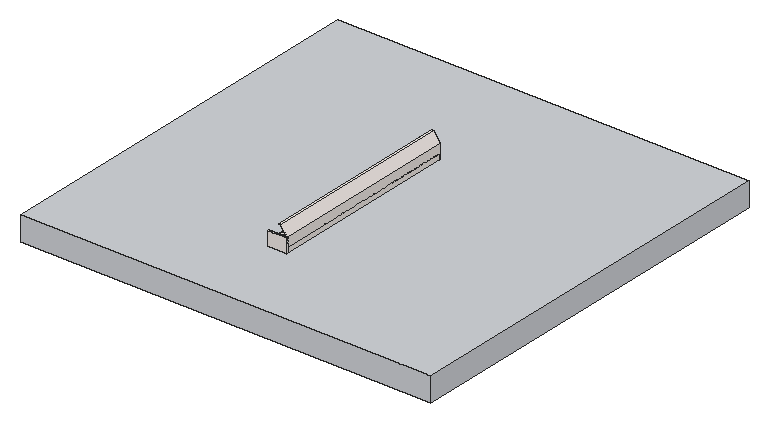
Revit family
Parameters
  Wiring Access Diameter = 0' - 0"
  Wiring = Wiring : Battery Pack
  Width = 0' - 4 3/4"  # constant formula
  Wattage Comments = "Wattage"
  Wattage = 9.29 W
  built-in parameter 1150110 = 1 (stored number, unit not read)
  Voltage = "Voltage"
  URL = "http://www.cooperlighting.com/"
  Supply Voltage = 0 V
  Series = "Cove Duo"  # constant formula
  Options = Options : Flat End Plate
  Number of Poles = 1
  No of Circuits = 1
  Mount Length = 0' - 6 1/4"
  Model = "Model"
  Lamp = "Lamp"
  Housing Type = "18gauage corrosion resistant steel"  # constant formula
  Front Mount Size = - : 2x6
  Emit from Line Length = 2' - 0"
  Electrical Connector Description = ""
  Distribution = ""
  Diffusers/Shielding = "White Opal Lens"  # constant formula
  Description = "Description"
  built-in parameter 1114217 = 1 (stored number, unit not read)
  Total Input Wattage = 0 W
  Tilt Angle = 90.00°
  built-in parameter 1150109 = 1 (stored number, unit not read)
  built-in parameter 1150134 = 3
  built-in parameter 1150113 = 1 (stored number, unit not read)
  Shipping Weight = 0 lbf
  Product Page URL = ""
  Product Documentation Link = ""
  Power Factor = 0
  Photometric Web File = "File"
  Packaging = "Unit Pack"
  Manufacturer = "Cooper Industries, Inc."  # constant formula
  built-in parameter 1150105 = 109.81 (stored number, unit not read)
  Lumens = 1379.95 lm
  built-in parameter 1150115 = 1 (stored number, unit not read)
  built-in parameter 1150137 = (empty or 0)
  built-in parameter 1150139 = (empty or 0)
  Light Bulb Material = Glass - Cooper Industries - Clear
  Length = 4' - 0"
  built-in parameter 1150112 = 1 (stored number, unit not read)
  Lamp Quantity = 2
  built-in parameter 1150114 = 1 (stored number, unit not read)
  built-in parameter 1150132 = (empty or 0)
  built-in parameter 1150102 = (empty or 0)
  built-in parameter 1150107 = 3200 (stored number, unit not read)
  built-in parameter 1150138 = (empty or 0)
  built-in parameter 1150106 = 1.0981 (stored number, unit not read)
  Has Biaxial Bulb = yes
  Frame Material = Metal - Cooper Industries - Steel - White
  Efficiency = ""
  built-in parameter 1150104 = 13.8 (stored number, unit not read)
  Dimming Lamp Color Temperature Shift = (empty or 0)
  Diffuser Material = Glass - Cooper Industries - Clear
  Depth = 0' - 2 7/8"  # constant formula
  Default Elevation = 0' - 0"
  Copyright © = "© 2000-2010 Cooper Industries, Inc."  # constant formula
  Color Filter = 16777215
  Catalog Number = ""
  Bulb Length = Length - 0' 1"  # 3' - 11"
  Bulb Biaxial Angle = 0.00°
  Ballast Voltage = Supply Voltage  # 0 V
  Ballast Type = ""
  Ballast Quantity = 0
  built-in parameter 1114218 = 1 (stored number, unit not read)
  Ballast Configuration = ""
  built-in parameter 1150133 = 10 (stored number, unit not read)
  Assembly Code = "D5020210"
  Apparent Load = Total Input Wattage  # 0 VA
  Degree of Lift = 30.00°
Reference planes (in)
  plane 1 "Center (Front/Back)": y = 0
  plane 2 "Host Face": z = 0
  plane 3 "Center (Left/Right)": x = 0
  plane 4 "Left": x = -2.375
  plane 5 "Front": y = -24
  plane 6 "Right": x = 2.375
  plane 7 "Back": y = 24
  plane 8 "Top": z = 0
  plane 9 "Void Back": y = 23.75
  plane 10 "Void Front": y = -23.75
  plane 11 "Light": z = 6.25
  plane 12: x = 0.98475
  plane 13: x = -0.98475
  plane 14: y = 22
  plane 15: y = -22
  plane 16: y = 29
  plane 17: y = 26.25
  plane 18: z = 3.3125
  plane 19: x = 0.98475
  plane 20: x = -0.98475
  plane 21: z = 3.5
  plane 22: through (2.03125, -180, 4.09539) normal (-0.866, 0, -0.5)
  plane 23: z = 1.8125
Forms (in)
  Extrusion 1, solid
    sketch origin (0, 0, 0) x (1, 0, 0) y (0, 1, 0)
      loop
        line (-48, 55) -> (-48, -44.53802) -> (54.979, -44.53802) -> (54.979, 55) -> (-48, 55)
    from 0 to -6
  Sweep 2, solid, material "Metal - Cooper Industries - Steel - White" <- "Frame Material"
    path origin (0, 0, 0) x (1, 0, 0) y (0, 1, 0)
      loop
        line (0, -24) -> (0, 24)
    profile origin (0, 0, 0) x (-1, 0, 0) y (0, 0, 1)
      loop
        line (-2.375, 3.5) -> (-2.375, 1.3125) -> (-2.34167, 1.3125) -> (-2.34167, 3.5) -> (-2.375, 3.5)
  Sweep 3, solid, material "Metal - Cooper Industries - Steel - White" <- "Frame Material"
    path origin (0, 0, 0) x (1, 0, 0) y (0, 1, 0)
      loop
        line (0, -23.75) -> (0, 23.75)
    profile origin (0, 0, 0) x (-1, 0, 0) y (0, 0, 1)
      loop
        line (2.375, 0) -> (2.375, 1.3125) -> (-2.375, 1.3125) -> (-2.375, 0) -> (2.375, 0)
      loop
        line (2.27344, 1.21094) -> (-2.27344, 1.21094) -> (-2.27344, 0.10156) -> (2.27344, 0.10156) -> (2.27344, 1.21094)
  Sweep 4, solid, material "Metal - Cooper Industries - Steel - White" <- "Frame Material"
    path origin (0, 0, 7) x (0, -1, 0) y (1, 0, 0)
      loop
        line (24, 0) -> (-24, 0)
    profile origin (0, 0, 7) x (-1, 0, 0) y (0, 0, 1)
      loop
        line (-2.375, -3.5) -> (-2.33441, -3.5) -> (-0.91027, -1.03333) -> (-0.44169, -1.03333) -> (-0.44169, -1) -> (-0.93162, -1) -> (-2.375, -3.5)
  Extrusion 5, solid, material "Metal - Cooper Industries - Steel - White" <- "Frame Material"
    sketch origin (0, 0, 0) x (1, 0, 0) y (0, 0, 1)
      loop
        line (-2.375, 3.5) -> (-2.375, 0) -> (2.375, 0) -> (2.375, 3.5) -> (-2.375, 3.5)
    from 23.75 to 24
  Extrusion 6, solid, material "Metal - Cooper Industries - Steel - White" <- "Frame Material"
    sketch origin (0, 12.75, 0) x (1, 0, 0) y (0, 0, 1)
      loop
        line (-2.375, 3.5) -> (-2.375, 0) -> (2.375, 0) -> (2.375, 3.5) -> (-2.375, 3.5)
    from -11.25 to -11
Lines and regions (in)
  symbolic lines, style "Host"
    curve 1: line (-2.375, 24, 0) -> (2.375, 24, 0)
    curve 2: line (-2.375, -24, 0) -> (-2.375, 24, 0)
    curve 3: line (2.375, -24, 0) -> (-2.375, -24, 0)
    curve 4: line (2.375, 24, 0) -> (2.375, -24, 0)
    curve 5: line (-2.375, -24, 0) -> (-2.375, 24, 0)
    curve 6: line (2.375, 24, 0) -> (-2.375, 24, 0)
  symbolic lines, style "Host", detail levels fine
    curve 7: line (2.375, 24, 0) -> (-2.375, -24, 0)
Dimensions and locks (in)
  "Width": plane 4 "Left" to plane 6 "Right"
  "Length": plane 5 "Front" to plane 7 "Back"
  equal spacing: plane 5 "Front", plane 1 "Center (Front/Back)", plane 7 "Back"
  equal spacing: plane 4 "Left", plane 3 "Center (Left/Right)", plane 6 "Right"
  locked: plane 9 "Void Back" to plane 7 "Back" at 0.25
  locked: plane 10 "Void Front" to plane 5 "Front" at 0.25
  locked: plane 14 to plane 7 "Back" at 2
  locked: plane 15 to plane 5 "Front" at 2
  locked: Sweep 4 sketch curve to Sweep 4 sketch curve at 2.88675
  locked: Sweep 4 sketch curve to Sweep 4 sketch curve at 0.48993
  locked: Sweep 4 sketch curve to Sweep 4 sketch curve at 0.03333
  locked: plane 23 to Sweep 3 at 0.5
  "Mount Length": plane 11 "Light" to plane 8 "Top"
  "Degree of Lift": angle plane 6 "Right" to plane 22
  aligned and locked: plane 2 "Host Face" to Extrusion 1
  aligned and locked: level to Extrusion 1
  aligned and locked: plane 6 "Right" to curve 4
  aligned and locked: plane 5 "Front" to curve 3
  aligned and locked: plane 3 "Center (Left/Right)" to Sweep 3 sketch curve
  aligned and locked: Extrusion 1 to Sweep 3 sketch curve
  aligned and locked: plane 5 "Front" to Sweep 2 sketch curve
  aligned and locked: plane 7 "Back" to Sweep 2 sketch curve
  aligned: plane 3 "Center (Left/Right)" to nested 1
  aligned: imposter light to nested 1
  aligned: nested 1 to Sweep 2
  aligned: imposter light to Sweep 2
  aligned and locked: plane 4 "Left" to Sweep 3 sketch curve
  aligned and locked: Sweep 3 sketch curve to plane 6 "Right"
  aligned and locked: Sweep 2 sketch curve to plane 6 "Right"
  aligned and locked: Sweep 3 to Sweep 2 sketch curve
  aligned and locked: Sweep 4 sketch curve to plane 21
  aligned and locked: Sweep 3 to Extrusion 5 sketch curve
  aligned and locked: Extrusion 5 sketch curve to Sweep 3  (x2)
  aligned and locked: Extrusion 5 to plane 5 "Front"
  aligned and locked: plane 10 "Void Front" to Extrusion 5
  aligned and locked: Extrusion 6 to plane 7 "Back"
  aligned and locked: plane 9 "Void Back" to Extrusion 6
  aligned and locked: plane 22 to Sweep 4 sketch curve
  aligned: Extrusion 5 to nested 1
  aligned and locked: Extrusion 6 sketch curve to Sweep 4
  aligned and locked: Extrusion 5 sketch curve to Extrusion 6
  aligned: nested 1 to Extrusion 6
  aligned and locked: Extrusion 6 to Sweep 3 sketch curve
  aligned: Sweep 3 to nested 1
  aligned and locked: imposter light to plane 23
  aligned and locked: imposter light to nested 1
  aligned and locked: Extrusion 5 to Sweep 2 sketch curve
Automatic sketch dimensions
  curve 1 to plane 4 "Left" = 0' - 0"
  plane 7 "Back" to curve 2 = 0' - 0"
  Extrusion 1 sketch curve to Extrusion 1 sketch curve = 8' - 6.979"
  Extrusion 1 sketch curve to Extrusion 1 sketch curve = 8' - 3.53802"
  Sweep 2 sketch curve to plane 3 "Center (Left/Right)" = 0' - 0"
  Sweep 3 sketch curve to Sweep 3 sketch curve = 0' - 0 13/128"  (x3)
  level to Sweep 3 sketch curve = 0' - 0 13/128"
  Sweep 3 sketch curve to Sweep 3 sketch curve = 0' - 1 7/64"
  Sweep 4 sketch curve to plane 3 "Center (Left/Right)" = 0' - 0"
  plane 7 "Back" to Sweep 4 sketch curve = 0' - 0"
  Sweep 4 sketch curve to plane 5 "Front" = 0' - 0"
  Extrusion 6 sketch curve to level = 0' - 0"
  Extrusion 6 sketch curve to plane 4 "Left" = 0' - 0"
  plane 6 "Right" to Extrusion 6 sketch curve = 0' - 0"
  Sweep 3 sketch curve to plane 10 "Void Front" = 0' - 0"
  Sweep 4 sketch curve to Sweep 4 sketch curve = 0' - 0.02135"
  Sweep 4 sketch curve to Sweep 4 sketch curve = 0' - 0.04059"
  Sweep 2 sketch curve to Sweep 2 sketch curve = 0' - 0.03333"
Nested families (in)
  nested 1: "Bulb - No  Light Source" at (-0.4375, 0, 1.5) x (0, 1, 0) z (0, 0, 1), type "No Light Source"
    with Bulb Length 3' - 11"
  nested 2: "Bulb - Light Source" at (0.4375, 0, 1.5) x (0, 1, 0) z (0, 0, 1), type "Light"
    with Light Source Offset 0' - 1 1/8", Biaxial Angle 45.00°
Connectors (in)
  electrical at (0, 0, 0), driven by "Power Factor", driven by "Apparent Load", driven by "Supply Voltage", driven by "Number of Poles", driven by "Electrical Connector Description"
    settings: index 1
Definition of nested family "Bulb - No  Light Source"
  Parameters (values of type "No Light Source")
    Type Comments = "⍁⍉⌁⌀⏭⎽⌇⍠⌜⍉⎖⌥⌦⌯⍭⏊⍻⍿⍊⏵⍊⏗⏠⍴⎡⌈⎀⍠⌓⌤⏘⎐⍀⌐⏬⏁⎈⏍⏦⎒⏬⌝⍩⍇⌣〈⎫〉⎁⏊⍥⍖⍥⍝⍦⌖⍀⏌⏭⎝⎼⏷⏞⍻⏯⎽⏷⏞⍻⏯⎽⏷⎺⌻⎝⍎⌧⏷⏟⏿⌿⍜⍦⍤⌁⍬⏶⏎⍊⏚⏉⎞⌡⎀⎪⏈⌟⌿⍾⍼⌟⌿⌢⍶⏷⏮⌾⎼⎻⎷⎳⎻⎓⏞⍿⎴⏷⏩⎣⎝⎽⏴⏥⌗⌿⍶⍶⏲⏺⏇⍞⏖⏕〉⎯⏛⏫⎴⌺⍏⏱⏷⏫⏪⎼⎝⏥⎿⏛⏛⏿⌇"
    Light Source Offset [instance] = 0' - 4"
    Light Bulb Material = Glass - Cooper Industries - Clear
    Is U Bulb = no
    Is Straight Bulb = no
    Is Biaxial Bulb = yes
    Emit Shape Visible in Rendering = no
    CTRL U Bulb = if(1 = 1, Bulb Seperation Distance / 2, 0' 0")  # 0' - 0 13/16"
    Bulb Seperation Distance = 0' - 1 5/8"
    Bulb Radius = Bulb Diameter / 2  # 0' - 0 5/16"
    Bulb Length = 4' - 0"
    Bulb End Material = Metal - Cooper Industries - Aluminum
    Bulb Diameter = 0' - 0 5/8"
    Biaxial Angle [instance] = 0.00°
    Assembly Code = ""
  Reference planes (in)
    plane 1 "Center (Front/Back)": y = 0
    plane 2 "Bottom": z = 0
    plane 3 "Center (Left/Right)": x = 0
    plane 4 "Center (Elevation)": z = 0.3125
    plane 5 "Top": z = 0.625
    plane 6 "Left": x = -24
    plane 7 "Left Inset": x = -23.5
    plane 8 "Right": x = 24
    plane 9 "Right Inset": x = 23.5
    plane 10 "Straight Bulb Back": y = 0.3125
    plane 11 "Straight Bulb Front": y = -0.3125
    plane 12 "U Bulb Back Back": y = 1.125
    plane 13 "U Bulb Back Front": y = 0.5
    plane 14 "U Bulb Back Center": y = 0.8125
    plane 15 "U Bulb Front Front": y = -1.125
    plane 16 "U Bulb Front Back": y = -0.5
    plane 17 "U Bulb Front Center": y = -0.8125
    plane 18 "U Bulb Right Center": x = 23.6875
    plane 19 "U Bulb Left Right": x = 23.375
    plane 20 "U Bulb Arc Reference": x = 22.875
    plane 21 "Biaxial Center (L/R)": y = 0
    plane 22 "Biaxial Center (T/B)": z = 0.3125
    plane 23 "Light Source Offset": z = 4.3125
  Forms (in)
    Extrusion 1, solid, material "Metal - Cooper Industries - Aluminum" <- "Bulb End Material", visible <- "Is U Bulb"
      sketch origin (0, -0.8125, 0) x (0, 1, 0) y (0, 0, 1)
        loop
          circle (0.8125, 0.3125) r 0.3125
      from -24 to -23.5
    Extrusion 2, solid, material "Glass - Cooper Industries - Clear" <- "Light Bulb Material", visible <- "Is Biaxial Bulb"
      sketch origin (0, -0.8125, 0) x (0, 1, 0) y (0, 0, 1)
        loop
          circle (0.8125, 0.3125) r 0.3125
      from -23.5 to 23.5
    Extrusion 3, solid, material "Metal - Cooper Industries - Aluminum" <- "Bulb End Material", visible <- "Is U Bulb"
      sketch origin (0, -0.8125, 0) x (0, 1, 0) y (0, 0, -1)
        loop
          circle (0.8125, -0.3125) r 0.3125
      from -24 to -23.5
  Lines and regions (in)
    symbolic lines, detail levels fine
      curve 1: line (-24, 0, 0) -> (24, 0, 0)
      curve 2: line (-24, 0, 0.3125) -> (24, 0, 0.3125)
  Dimensions and locks (in)
    equal spacing: plane 5 "Top", plane 4 "Center (Elevation)", plane 2 "Bottom"
    "Bulb Diameter": plane 5 "Top" to plane 2 "Bottom"
    locked: plane 7 "Left Inset" to plane 6 "Left" at 0.5
    locked: plane 9 "Right Inset" to plane 8 "Right" at 0.5
    equal spacing: plane 8 "Right", plane 3 "Center (Left/Right)", plane 6 "Left"
    "Bulb Length": plane 6 "Left" to plane 8 "Right"
    "Bulb Diameter": plane 11 "Straight Bulb Front" to plane 10 "Straight Bulb Back"
    equal spacing: plane 11 "Straight Bulb Front", plane 1 "Center (Front/Back)", plane 10 "Straight Bulb Back"
    "Bulb Diameter": plane 13 "U Bulb Back Front" to plane 12 "U Bulb Back Back"
    equal spacing: plane 13 "U Bulb Back Front", plane 14 "U Bulb Back Center", plane 12 "U Bulb Back Back"
    "Bulb Diameter": plane 16 "U Bulb Front Back" to plane 15 "U Bulb Front Front"
    equal spacing: plane 16 "U Bulb Front Back", plane 17 "U Bulb Front Center", plane 15 "U Bulb Front Front"
    equal spacing: plane 17 "U Bulb Front Center", plane 1 "Center (Front/Back)", plane 14 "U Bulb Back Center"
    "Bulb Seperation Distance": plane 17 "U Bulb Front Center" to plane 14 "U Bulb Back Center"
    equal spacing: plane 19 "U Bulb Left Right", plane 18 "U Bulb Right Center", plane 8 "Right"
    "Bulb Diameter": plane 19 "U Bulb Left Right" to plane 8 "Right"
    "CTRL U Bulb": plane 20 "U Bulb Arc Reference" to plane 18 "U Bulb Right Center"
    plane 1 "Center (Front/Back)" to plane 21 "Biaxial Center (L/R)" = 0' - 0"
    plane 22 "Biaxial Center (T/B)" to plane 4 "Center (Elevation)" = 0' - 0"
    "Light Source Offset": plane 23 "Light Source Offset" to plane 22 "Biaxial Center (T/B)"
    "Bulb Radius": radius of Extrusion 2 sketch curve
    aligned and locked: Extrusion 1 to plane 6 "Left"
    aligned and locked: plane 7 "Left Inset" to Extrusion 1
    aligned and locked: Extrusion 2 to plane 7 "Left Inset"
    aligned and locked: Extrusion 2 to plane 9 "Right Inset"
    aligned and locked: plane 6 "Left" to curve 1
    aligned and locked: plane 8 "Right" to curve 1
    aligned and locked: plane 1 "Center (Front/Back)" to curve 1
    aligned and locked: plane 8 "Right" to curve 2
    aligned and locked: plane 6 "Left" to curve 2
    aligned and locked: Extrusion 3 to plane 8 "Right"
    aligned and locked: plane 9 "Right Inset" to Extrusion 3
  Automatic sketch dimensions
    curve 2 to plane 4 "Center (Elevation)" = 0' - 0"
    Extrusion 1 sketch curve to Extrusion 1 sketch curve = 0' - 0"  (x2)
    plane 5 "Top" to Extrusion 1 sketch curve = 0' - 0"
    plane 14 "U Bulb Back Center" to Extrusion 1 sketch curve = 0' - 0 13/16"
    level to Extrusion 1 sketch curve = 0' - 0"
    Extrusion 3 sketch curve to Extrusion 3 sketch curve = 0' - 0"  (x2)
    plane 5 "Top" to Extrusion 3 sketch curve = 0' - 0"
    plane 14 "U Bulb Back Center" to Extrusion 3 sketch curve = 0' - 0 13/16"
    Extrusion 3 sketch curve to plane 4 "Center (Elevation)" = 0' - 0"
    Extrusion 2 sketch curve to plane 4 "Center (Elevation)" = 0' - 0"
    plane 14 "U Bulb Back Center" to Extrusion 2 sketch curve = 0' - 0 13/16"
Definition of nested family "Bulb - Light Source"
  Parameters (values of type "Light")
    Wattage = 9.29 W
    built-in parameter 1150110 = 1 (stored number, unit not read)
    Type Comments = "⍁⍉⌁⌀⏭⎽⌇⍠⌜⍉⎖⌥⌦⌯⍭⏊⍻⍿⍊⏵⍊⏗⏠⍴⎡⌈⎀⍠⌓⌤⏘⎐⍀⌐⏬⏁⎈⏍⏦⎒⏬⌝⍩⍇⌣〈⎫〉⎁⏊⍥⍖⍥⍝⍦⌖⍀⏌⏭⎝⎼⏷⏞⍻⏯⎽⏷⏞⍻⏯⎽⏷⎺⌻⎝⍎⌧⏷⏟⏿⌿⍜⍦⍤⌁⍬⏶⏎⍊⏚⏉⎞⌡⎀⎪⏈⌟⌿⍾⍼⌟⌿⌢⍶⏷⏮⌾⎼⎻⎷⎳⎻⎓⏞⍿⎴⏷⏩⎣⎝⎽⏴⏥⌗⌿⍶⍶⏲⏺⏇⍞⏖⏕〉⎯⏛⏫⎴⌺⍏⏱⏷⏫⏪⎼⎝⏥⎿⏛⏛⏿⌇"
    built-in parameter 1114217 = 1 (stored number, unit not read)
    Tilt Angle = 90.00°
    built-in parameter 1150109 = 1 (stored number, unit not read)
    built-in parameter 1150134 = 3
    built-in parameter 1150113 = 1 (stored number, unit not read)
    Photometric Web File = ""
    built-in parameter 1150105 = 109.81 (stored number, unit not read)
    Lumens = 1379.95 lm
    built-in parameter 1150115 = 1 (stored number, unit not read)
    Light Source Offset [instance] = 0' - 4"
    built-in parameter 1150137 = (empty or 0)
    built-in parameter 1150139 = (empty or 0)
    Light Bulb Material = Glass - Cooper Industries - Clear
    built-in parameter 1150112 = 1 (stored number, unit not read)
    built-in parameter 1150114 = 1 (stored number, unit not read)
    Is U Bulb = no
    Is Straight Bulb = no
    Is Biaxial Bulb = yes
    built-in parameter 1150132 = (empty or 0)
    built-in parameter 1150102 = (empty or 0)
    built-in parameter 1150107 = 3200 (stored number, unit not read)
    built-in parameter 1150138 = (empty or 0)
    built-in parameter 1150106 = 1.0981 (stored number, unit not read)
    Emit from Line Length = 2' - 0"
    built-in parameter 1150104 = 13.8 (stored number, unit not read)
    Dimming Lamp Color Temperature Shift = (empty or 0)
    Color Filter = 16777215
    CTRL U Bulb = if(1 = 1, Bulb Seperation Distance / 2, 0' 0")  # 0' - 0 13/16"
    Bulb Seperation Distance = 0' - 1 5/8"
    Bulb Radius = Bulb Diameter / 2  # 0' - 0 5/16"
    Bulb Length = 3' - 11"
    Bulb End Material = Metal - Cooper Industries - Aluminum
    Bulb Diameter = 0' - 0 5/8"
    Biaxial Angle [instance] = 0.00°
    built-in parameter 1114218 = 1 (stored number, unit not read)
    built-in parameter 1150133 = 10 (stored number, unit not read)
    Assembly Code = ""
  Reference planes (in)
    plane 1 "Center (Front/Back)": y = 0
    plane 2 "Bottom": z = 0
    plane 3 "Center (Left/Right)": x = 0
    plane 4 "Center (Elevation)": z = 0.3125
    plane 5 "Top": z = 0.625
    plane 6 "Left": x = -23.5
    plane 7 "Left Inset": x = -23
    plane 8 "Right": x = 23.5
    plane 9 "Right Inset": x = 23
    plane 10 "Straight Bulb Back": y = 0.3125
    plane 11 "Straight Bulb Front": y = -0.3125
    plane 12 "U Bulb Back Back": y = 1.125
    plane 13 "U Bulb Back Front": y = 0.5
    plane 14 "U Bulb Back Center": y = 0.8125
    plane 15 "U Bulb Front Front": y = -1.125
    plane 16 "U Bulb Front Back": y = -0.5
    plane 17 "U Bulb Front Center": y = -0.8125
    plane 18 "U Bulb Right Center": x = 23.1875
    plane 19 "U Bulb Left Right": x = 22.875
    plane 20 "U Bulb Arc Reference": x = 22.375
    plane 21 "Biaxial Center (L/R)": y = 0
    plane 22 "Biaxial Center (T/B)": z = 0.3125
    plane 23 "Light Source Offset": z = 4.3125
    plane 24: y = 4.3125
  Forms (in)
    Extrusion 1, solid, material "Metal - Cooper Industries - Aluminum" <- "Bulb End Material", visible <- "Is U Bulb"
      sketch origin (0, 0, 0) x (0, 1, 0) y (0, 0, 1)
        loop
          circle (0.00142, 0.3125) r 0.3125
      from -23.5 to -23
    Extrusion 2, solid, material "Glass - Cooper Industries - Clear" <- "Light Bulb Material", visible <- "Is Biaxial Bulb"
      sketch origin (0, -0.8125, 0) x (0, 1, 0) y (0, 0, 1)
        loop
          circle (0.8125, 0.3125) r 0.3125
      from -23 to 23
    Extrusion 3, solid, material "Metal - Cooper Industries - Aluminum" <- "Bulb End Material", visible <- "Is U Bulb"
      sketch origin (0, 0, 0) x (0, 1, 0) y (0, 0, -1)
        loop
          circle (-0.00145, -0.3125) r 0.3125
      from -23.5 to -23
  Lines and regions (in)
    symbolic lines, style "Light Bulb", detail levels fine
      curve 1: line (-23.5, 0, 0) -> (23.5, 0, 0)
      curve 2: line (-23.5, 0, 0.3125) -> (23.5, 0, 0.3125)
  Dimensions and locks (in)
    equal spacing: plane 5 "Top", plane 4 "Center (Elevation)", plane 2 "Bottom"
    "Bulb Diameter": plane 5 "Top" to plane 2 "Bottom"
    locked: plane 7 "Left Inset" to plane 6 "Left" at 0.5
    locked: plane 9 "Right Inset" to plane 8 "Right" at 0.5
    equal spacing: plane 8 "Right", plane 3 "Center (Left/Right)", plane 6 "Left"
    "Bulb Length": plane 6 "Left" to plane 8 "Right"
    "Bulb Diameter": plane 11 "Straight Bulb Front" to plane 10 "Straight Bulb Back"
    equal spacing: plane 11 "Straight Bulb Front", plane 1 "Center (Front/Back)", plane 10 "Straight Bulb Back"
    "Bulb Diameter": plane 13 "U Bulb Back Front" to plane 12 "U Bulb Back Back"
    equal spacing: plane 13 "U Bulb Back Front", plane 14 "U Bulb Back Center", plane 12 "U Bulb Back Back"
    "Bulb Diameter": plane 16 "U Bulb Front Back" to plane 15 "U Bulb Front Front"
    equal spacing: plane 16 "U Bulb Front Back", plane 17 "U Bulb Front Center", plane 15 "U Bulb Front Front"
    equal spacing: plane 17 "U Bulb Front Center", plane 1 "Center (Front/Back)", plane 14 "U Bulb Back Center"
    "Bulb Seperation Distance": plane 17 "U Bulb Front Center" to plane 14 "U Bulb Back Center"
    equal spacing: plane 19 "U Bulb Left Right", plane 18 "U Bulb Right Center", plane 8 "Right"
    "Bulb Diameter": plane 19 "U Bulb Left Right" to plane 8 "Right"
    "CTRL U Bulb": plane 20 "U Bulb Arc Reference" to plane 18 "U Bulb Right Center"
    plane 1 "Center (Front/Back)" to plane 21 "Biaxial Center (L/R)" = 0' - 0"
    plane 22 "Biaxial Center (T/B)" to plane 4 "Center (Elevation)" = 0' - 0"
    "Light Source Offset": plane 24 to plane 10 "Straight Bulb Back"
    "Bulb Radius": radius of Extrusion 2 sketch curve
    aligned and locked: Extrusion 1 to plane 6 "Left"
    aligned and locked: plane 7 "Left Inset" to Extrusion 1
    aligned: plane 3 "Center (Left/Right)" to imposter light  (x2)
    aligned and locked: Extrusion 2 to plane 7 "Left Inset"
    aligned and locked: Extrusion 2 to plane 9 "Right Inset"
    aligned and locked: plane 6 "Left" to curve 1
    aligned and locked: plane 8 "Right" to curve 1
    aligned and locked: plane 1 "Center (Front/Back)" to curve 1
    aligned and locked: plane 8 "Right" to curve 2
    aligned and locked: plane 6 "Left" to curve 2
    aligned: plane 1 "Center (Front/Back)" to imposter light
    aligned and locked: Extrusion 3 to plane 8 "Right"
    aligned and locked: plane 9 "Right Inset" to Extrusion 3
    aligned and locked: imposter light to plane 24
  Automatic sketch dimensions
    curve 2 to plane 4 "Center (Elevation)" = 0' - 0"
    Extrusion 1 sketch curve to Extrusion 1 sketch curve = 0' - 0"  (x2)
    plane 5 "Top" to Extrusion 1 sketch curve = 0' - 0"
    plane 14 "U Bulb Back Center" to Extrusion 1 sketch curve = 0' - 0.81108"
    level to Extrusion 1 sketch curve = 0' - 0"
    Extrusion 3 sketch curve to Extrusion 3 sketch curve = 0' - 0"  (x2)
    plane 5 "Top" to Extrusion 3 sketch curve = 0' - 0"
    plane 14 "U Bulb Back Center" to Extrusion 3 sketch curve = 0' - 0.81395"
    Extrusion 3 sketch curve to plane 4 "Center (Elevation)" = 0' - 0"
    Extrusion 2 sketch curve to plane 4 "Center (Elevation)" = 0' - 0"
    plane 14 "U Bulb Back Center" to Extrusion 2 sketch curve = 0' - 0 13/16"
